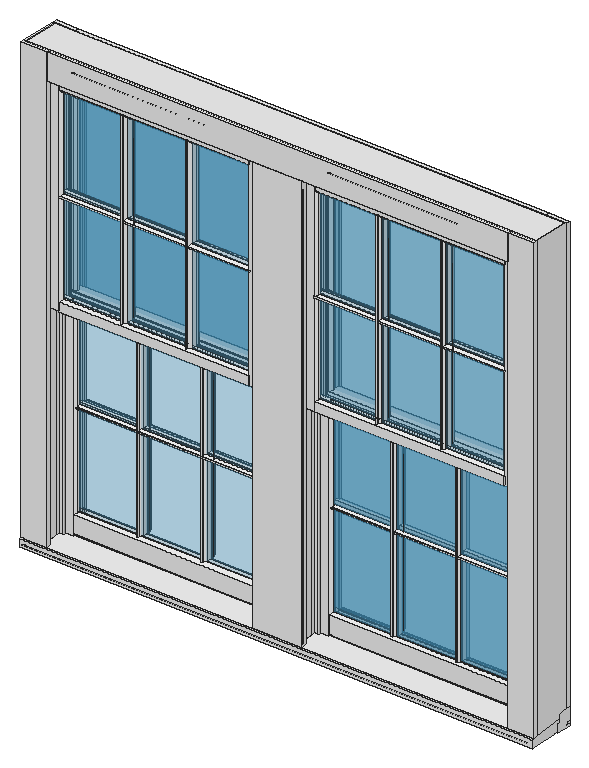
Revit family "B2-66", category Windows, host Wall, Revit 2012 (continued)
Forms (mm)
  Sweep 96, solid, material "Matel" <- "metal", detail levels fine
    path origin (-3978.79, 0, 685.091) x (0, 0, -1) y (1, 0, 0)
      loop
        line (-9.409, 3107.335) -> (-9.409, 3851.546)
    profile origin (-499.35, 0, 694.5) x (0, 0, 1) y (0, -1, 0)
      loop
        line (10.277, -46.346) -> (-9.723, -46.346) -> (-9.723, -52.346) -> (-7.723, -52.346) -> (-7.723, -54.846) -> (-2.223, -62.346) -> (-2.223, -64.346) -> (2.777, -64.346) -> (2.777, -62.346) -> (8.277, -54.846) -> (8.277, -52.346) -> (10.277, -52.346) -> (10.277, -46.346)
      loop
        line (10.277, -17.161) -> (2.828, -9.007) -> (2.828, -7.007) -> (-2.172, -7.007) -> (-2.172, -9.007) -> (-9.723, -19.961) -> (10.277, -19.961) -> (10.277, -17.161)
  Sweep 97, solid, material "Matel" <- "metal", detail levels fine
    path origin (-3978.79, 0, 685.091) x (0, 0, 1) y (1, 0, 0)
      loop
        line (9.409, 3101.335) -> (9.409, 3844.546)
    profile origin (-505.85, 0, 694.5) x (0, 0, 1) y (0, -1, 0)
      loop
        line (-9.723, -43.235) -> (10.277, -43.235) -> (10.277, -27.235) -> (-9.723, -27.235) -> (-9.723, -43.235)
  Sweep 98, solid, material "Matel" <- "metal", detail levels fine
    path origin (3978.79, 0, 685.091) x (0, 0, 1) y (-1, 0, 0)
      loop
        line (9.409, 3101.335) -> (9.409, 3844.546)
    profile origin (505.85, 0, 694.5) x (0, 0, -1) y (0, -1, 0)
      loop
        line (1.339, -43.235) -> (1.339, -27.235) -> (-18.661, -27.235) -> (-18.661, -43.235) -> (1.339, -43.235)
  Sweep 99, solid, material "Matel" <- "metal", detail levels fine
    path origin (-3230.591, 0, 685.091) x (0, 0, -1) y (1, 0, 0)
      loop
        line (-9.409, 3357.836) -> (-9.409, 4102.046)
    profile origin (499.35, 0, 694.5) x (0, 0, 1) y (0, -1, 0)
      loop
        line (10.277, -46.346) -> (-9.723, -46.346) -> (-9.723, -52.346) -> (-7.723, -52.346) -> (-7.723, -54.846) -> (-2.223, -62.346) -> (-2.223, -64.346) -> (2.777, -64.346) -> (2.777, -62.346) -> (8.277, -54.846) -> (8.277, -52.346) -> (10.277, -52.346) -> (10.277, -46.346)
      loop
        line (10.277, -17.161) -> (2.828, -9.007) -> (2.828, -7.007) -> (-2.172, -7.007) -> (-2.172, -9.007) -> (-9.723, -19.961) -> (10.277, -19.961) -> (10.277, -17.161)
  Sweep 100, solid, material "Matel" <- "metal", detail levels fine
    path origin (-260, 0, 0) x (-1, 0, 0) y (0, 0, -1)
      loop
        line (-633.982, -1107) -> (-633.982, -1838.017)
    profile origin (373.982, 0, 1472.508) x (-1, 0, 0) y (0, -1, 0)
      loop
        line (-8.934, 26.029) -> (-8.934, 20.029) -> (-6.934, 20.029) -> (-6.934, 17.529) -> (-1.434, 10.029) -> (-1.434, 8.029) -> (3.566, 8.029) -> (3.566, 10.029) -> (9.066, 17.529) -> (9.066, 20.029) -> (11.066, 20.029) -> (11.066, 26.029) -> (-8.934, 26.029)
      loop
        line (-8.934, 57.214) -> (-8.934, 54.414) -> (11.066, 54.414) -> (3.515, 65.368) -> (3.515, 67.368) -> (-1.485, 67.368) -> (-1.485, 65.368) -> (-8.934, 57.214)
  Sweep 101, solid, material "Matel" <- "metal", detail levels fine
    path origin (-260, 0, 2851.8) x (-1, 0, 0) y (0, 0, -1)
      loop
        line (-633.982, 1788.8) -> (-633.982, 2523.468)
    profile origin (373.982, 0, 695.666) x (0, -1, 0) y (1, 0, 0)
      loop
        line (-47.721, 8.934) -> (-53.721, 8.934) -> (-53.721, 6.934) -> (-56.221, 6.934) -> (-63.721, 1.434) -> (-65.721, 1.434) -> (-65.721, -3.566) -> (-63.721, -3.566) -> (-56.221, -9.066) -> (-53.721, -9.066) -> (-53.721, -11.066) -> (-47.721, -11.066) -> (-47.721, 8.934)
      loop
        line (-16.536, 8.934) -> (-19.336, 8.934) -> (-19.336, -11.066) -> (-8.382, -3.515) -> (-6.382, -3.515) -> (-6.382, 1.485) -> (-8.382, 1.485) -> (-16.536, 8.934)
  Sweep 102, solid, material "Matel" <- "metal", detail levels fine
    path origin (-260, 0, 0) x (1, 0, 0) y (0, 0, 1)
      loop
        line (633.982, 1107) -> (633.982, 1844)
    profile origin (373.982, 0, 1475.5) x (-1, 0, 0) y (0, -1, 0)
      loop
        line (9.723, 31.765) -> (9.723, 47.765) -> (-10.277, 47.765) -> (-10.277, 31.765) -> (9.723, 31.765)
  Sweep 103, solid, material "Matel" <- "metal", detail levels fine
    path origin (-260, 0, 0) x (1, 0, 0) y (0, 0, 1)
      loop
        line (633.982, 1063) -> (633.982, 326)
    profile origin (373.982, 0, 694.5) x (0, -1, 0) y (1, 0, 0)
      loop
        line (-41.045, -10) -> (-25.045, -10) -> (-25.045, 10) -> (-41.045, 10) -> (-41.045, -10)
  Sweep 104, solid, material "Matel" <- "metal", detail levels fine
    path origin (-240, 0, 0) x (1, 0, 0) y (0, 0, 1)
      loop
        line (-385.718, 1107) -> (-385.718, 1839.017)
    profile origin (-625.718, 0, 1473.008) x (-1, 0, 0) y (0, -1, 0)
      loop
        line (8.934, 26.029) -> (-11.066, 26.029) -> (-11.066, 20.029) -> (-9.066, 20.029) -> (-9.066, 17.529) -> (-3.566, 10.029) -> (-3.566, 8.029) -> (1.434, 8.029) -> (1.434, 10.029) -> (6.934, 17.529) -> (6.934, 20.029) -> (8.934, 20.029) -> (8.934, 26.029)
      loop
        line (8.934, 57.214) -> (1.485, 65.368) -> (1.485, 67.368) -> (-3.515, 67.368) -> (-3.515, 65.368) -> (-11.066, 54.414) -> (8.934, 54.414) -> (8.934, 57.214)
  Sweep 105, solid, material "Matel" <- "metal", detail levels fine
    path origin (-240, 0, 2851.8) x (1, 0, 0) y (0, 0, 1)
      loop
        line (-385.718, -1788.8) -> (-385.718, -2525.8)
    profile origin (-625.718, 0, 694.5) x (0, -1, 0) y (1, 0, 0)
      loop
        line (-50.846, -8.934) -> (-50.846, 11.066) -> (-56.846, 11.066) -> (-56.846, 9.066) -> (-59.346, 9.066) -> (-66.846, 3.566) -> (-68.846, 3.566) -> (-68.846, -1.434) -> (-66.846, -1.434) -> (-59.346, -6.934) -> (-56.846, -6.934) -> (-56.846, -8.934) -> (-50.846, -8.934)
      loop
        line (-19.661, -8.934) -> (-11.507, -1.485) -> (-9.507, -1.485) -> (-9.507, 3.515) -> (-11.507, 3.515) -> (-22.461, 11.066) -> (-22.461, -8.934) -> (-19.661, -8.934)
  Sweep 106, solid, material "Matel" <- "metal", detail levels fine
    path origin (-240, 0, 0) x (-1, 0, 0) y (0, 0, 1)
      loop
        line (385.718, 1107) -> (385.718, 1844)
    profile origin (-625.718, 0, 1475.5) x (-1, 0, 0) y (0, -1, 0)
      loop
        line (-10.348, 31.765) -> (9.652, 31.765) -> (9.652, 47.765) -> (-10.348, 47.765) -> (-10.348, 31.765)
  Sweep 107, solid, material "Matel" <- "metal", detail levels fine
    path origin (-240, 0, 0) x (-1, 0, 0) y (0, 0, 1)
      loop
        line (385.718, 1063) -> (385.718, 326)
    profile origin (-625.718, 0, 694.5) x (0, -1, 0) y (1, 0, 0)
      loop
        line (-41.045, 10) -> (-41.045, -10) -> (-25.045, -10) -> (-25.045, 10) -> (-41.045, 10)
  Sweep 108, solid, material "Matel" <- "metal", detail levels fine
    path origin (-240, 0, 0) x (-1, 0, 0) y (0, 0, 1)
      loop
        line (385.718, 1107) -> (385.718, 1844)
    profile origin (-625.718, 0, 1475.5) x (-1, 0, 0) y (0, -1, 0)
      loop
        line (-9.723, 31.765) -> (10.277, 31.765) -> (10.277, 47.765) -> (-9.723, 47.765) -> (-9.723, 31.765)
Cuts and joins
  Sweep 90 cuts Sweep 4
  Sweep 90 cuts Sweep 5
  Sweep 90 cuts Sweep 6
  Sweep 90 cuts Sweep 7
  Sweep 90 cuts Sweep 8
  Sweep 90 cuts Sweep 9
  Sweep 90 cuts Sweep 10
  Sweep 90 cuts Sweep 14
  Sweep 90 cuts Sweep 15
  Sweep 90 cuts Sweep 16
  Sweep 90 cuts Sweep 17
  Sweep 90 cuts Sweep 18
  Sweep 90 cuts Sweep 19
  Sweep 90 cuts Sweep 20
  Sweep 90 cuts Sweep 23
  Sweep 90 cuts Sweep 43
  Sweep 90 cuts Sweep 44
  Sweep 90 cuts Sweep 45
  Sweep 90 cuts Sweep 46
  Sweep 90 cuts Sweep 47
  Sweep 90 cuts Sweep 50
  Sweep 90 cuts Sweep 52
  Sweep 90 cuts Sweep 54
  Sweep 90 cuts Sweep 57
  Sweep 90 cuts Sweep 79
  Sweep 90 cuts Sweep 80
  Sweep 90 cuts Sweep 81
  Sweep 90 cuts Sweep 82
  Sweep 90 cuts Sweep 83
Lines and regions (mm)
  Opening 1
    outline origin (-1524, -87, 0) x (1, 0, 0) y (0, 0, 1)
      loop
        line (520.5, 1970) -> (520.5, 200) -> (2527.5, 200) -> (2527.5, 1970) -> (520.5, 1970)
  model lines
    curve 1: line (-122.245, 0, 1085) -> (-877.705, 0, 1085)
    curve 2: line (-122.245, 0, 1085) -> (-877.705, 0, 1085)
Text (mm)
  text "EXTERIOR" at (-1490.695, 1293.036, 0), in view "Ref. Level"
  text "INTERIOR" at (-1490.695, -959.266, 0), in view "Ref. Level"
  text "Exterior" at (0, 1108.87, 3129.179), in view "Left"
  text "Exterior" at (0, 464.664, 3176.206), in view "Right"
Dimensions and locks
  equal spacing: plane 4 "Left", plane 3 "Center (Left/Right)", plane 5 "Right"  (x2)
  "Height": plane 6 "Sill" to plane 7 "Top"
  "Default Sill Height": plane 2 to plane 6 "Sill"
  plane 6 "Sill" to plane 7 "Top" = 1770 mm
  "Width": plane 4 "Left" to plane 5 "Right"
  equal spacing: plane 6 "Sill", plane 9, plane 7 "Top"
  locked: plane 4 "Left" to plane 11 at 100
  locked: plane 10 to plane 5 "Right" at 100
  locked: plane 13 to plane 5 "Right" at 126.045
  locked: plane 4 "Left" to plane 12 at 126.045
  locked: plane 14 to plane 7 "Top" at 126
  locked: plane 6 "Sill" to plane 15 at 126
  locked: plane 16 to plane 7 "Top" at 100
  locked: plane 6 "Sill" to plane 18 at 33
  locked: plane 19 to plane 7 "Top" at 82
  locked: plane 6 "Sill" to plane 20 at 68
  locked: plane 3 "Center (Left/Right)" to plane 21 at 68
  locked: plane 5 "Right" to plane 22 at 82
  locked: plane 3 "Center (Left/Right)" to plane 23 at 78
  plane 25 to plane 9 = 22 mm
  plane 9 to plane 24 = 22 mm
  Sweep 21 sketch curve to Sweep 21 sketch curve = 25 mm
  locked: Sweep 21 sketch curve to Sweep 21 sketch curve at 6  (x2)
  locked: Sweep 21 sketch curve to Sweep 21 sketch curve at 42
  Sweep 21 sketch curve to Sweep 21 sketch curve = 16 mm
  locked: Sweep 21 sketch curve to Sweep 21 sketch curve at 12
  locked: Sweep 21 sketch curve to Sweep 21 sketch curve at 2
  locked: Sweep 21 sketch curve to Sweep 21 sketch curve at 3  (x3)
  locked: Sweep 21 sketch curve to Sweep 21 sketch curve at 29
  locked: Sweep 21 sketch curve to Sweep 21 sketch curve at 10
  locked: Sweep 21 sketch curve to Sweep 21 sketch curve at 16
  locked: Sweep 21 sketch curve to Sweep 21 sketch curve at 19
  locked: Sweep 21 sketch curve to Sweep 21 sketch curve at 5
  locked: Sweep 21 sketch curve to Sweep 21 sketch curve at 4  (x2)
  locked: Sweep 22 sketch curve to Sweep 22 sketch curve at 2  (x3)
  locked: Sweep 22 sketch curve to Sweep 22 sketch curve at 12
  locked: Sweep 22 sketch curve to Sweep 22 sketch curve at 9.301  (x2)
  locked: Sweep 22 sketch curve to Sweep 22 sketch curve at 5  (x2)
  locked: Sweep 22 sketch curve to Sweep 22 sketch curve at 12.954
  locked: plane 3 "Center (Left/Right)" to plane 26 at 122.245
  locked: plane 3 "Center (Left/Right)" to plane 27 at 122.245
  locked: Sweep 26 sketch curve to Sweep 26 sketch curve at 2  (x3)
  locked: Sweep 26 sketch curve to Sweep 26 sketch curve at 12
  locked: Sweep 26 sketch curve to Sweep 26 sketch curve at 9.301  (x2)
  locked: Sweep 26 sketch curve to Sweep 26 sketch curve at 5  (x2)
  locked: Sweep 26 sketch curve to Sweep 26 sketch curve at 12.954
  locked: Sweep 29 sketch curve to Sweep 29 sketch curve at 2  (x3)
  locked: Sweep 29 sketch curve to Sweep 29 sketch curve at 12
  locked: Sweep 29 sketch curve to Sweep 29 sketch curve at 9.301  (x2)
  locked: Sweep 29 sketch curve to Sweep 29 sketch curve at 5  (x2)
  locked: Sweep 29 sketch curve to Sweep 29 sketch curve at 12.954
  locked: Sweep 30 sketch curve to Sweep 30 sketch curve at 2  (x3)
  locked: Sweep 30 sketch curve to Sweep 30 sketch curve at 12
  locked: Sweep 30 sketch curve to Sweep 30 sketch curve at 9.301  (x2)
  locked: Sweep 30 sketch curve to Sweep 30 sketch curve at 5  (x2)
  locked: Sweep 30 sketch curve to Sweep 30 sketch curve at 12.954
  locked: Extrusion 59 to Extrusion 59 at 4
  locked: Extrusion 60 to Extrusion 60 at 4
  locked: Extrusion 61 to Extrusion 61 at 4
  locked: Extrusion 62 to Extrusion 62 at 4
  locked: Extrusion 63 to Extrusion 63 at 4
  locked: Extrusion 64 to Extrusion 64 at 4
  locked: Extrusion 65 to Extrusion 65 at 4
  locked: Extrusion 66 to Extrusion 66 at 4
  locked: Extrusion 67 to Extrusion 67 at 4
  locked: Extrusion 68 to Extrusion 68 at 4
  locked: Extrusion 69 to Extrusion 69 at 4
  locked: Extrusion 70 to Extrusion 70 at 4
  locked: Extrusion 71 to Extrusion 71 at 4
  locked: Extrusion 72 to Extrusion 72 at 4
  locked: Extrusion 73 to Extrusion 73 at 4
  locked: Extrusion 74 to Extrusion 74 at 4
  locked: Extrusion 75 to Extrusion 75 at 4
  locked: Extrusion 76 to Extrusion 76 at 4
  locked: Extrusion 77 to Extrusion 77 at 4
  locked: Extrusion 78 to Extrusion 78 at 4
  locked: plane 30 to plane 7 "Top" at 86
  Sweep 87 sketch curve to Sweep 87 sketch curve = 25 mm
  locked: Sweep 87 sketch curve to Sweep 87 sketch curve at 6  (x2)
  locked: Sweep 87 sketch curve to Sweep 87 sketch curve at 42
  Sweep 87 sketch curve to Sweep 87 sketch curve = 16 mm
  locked: Sweep 87 sketch curve to Sweep 87 sketch curve at 12
  locked: Sweep 87 sketch curve to Sweep 87 sketch curve at 2
  locked: Sweep 87 sketch curve to Sweep 87 sketch curve at 3  (x3)
  locked: Sweep 87 sketch curve to Sweep 87 sketch curve at 29
  locked: Sweep 87 sketch curve to Sweep 87 sketch curve at 10
  locked: Sweep 87 sketch curve to Sweep 87 sketch curve at 16
  locked: Sweep 87 sketch curve to Sweep 87 sketch curve at 19
  locked: Sweep 87 sketch curve to Sweep 87 sketch curve at 5
  locked: Sweep 87 sketch curve to Sweep 87 sketch curve at 4  (x2)
  Sweep 12 to Sweep 26 sketch curve = 23.632 mm
  locked: Sweep 92 sketch curve to Sweep 92 sketch curve at 2  (x3)
  locked: Sweep 92 sketch curve to Sweep 92 sketch curve at 12
  locked: Sweep 92 sketch curve to Sweep 92 sketch curve at 9.301  (x2)
  locked: Sweep 92 sketch curve to Sweep 92 sketch curve at 5  (x2)
  locked: Sweep 92 sketch curve to Sweep 92 sketch curve at 12.954
  equal spacing: plane 15, plane 32, plane 25
  locked: Sweep 95 sketch curve to Sweep 95 sketch curve at 2  (x3)
  locked: Sweep 95 sketch curve to Sweep 95 sketch curve at 12
  locked: Sweep 95 sketch curve to Sweep 95 sketch curve at 9.301  (x2)
  locked: Sweep 95 sketch curve to Sweep 95 sketch curve at 5  (x2)
  locked: Sweep 95 sketch curve to Sweep 95 sketch curve at 12.954
  locked: Sweep 96 sketch curve to Sweep 96 sketch curve at 2  (x3)
  locked: Sweep 96 sketch curve to Sweep 96 sketch curve at 12
  locked: Sweep 96 sketch curve to Sweep 96 sketch curve at 9.301  (x2)
  locked: Sweep 96 sketch curve to Sweep 96 sketch curve at 5  (x2)
  locked: Sweep 96 sketch curve to Sweep 96 sketch curve at 12.954
  locked: Sweep 99 sketch curve to Sweep 99 sketch curve at 2  (x3)
  locked: Sweep 99 sketch curve to Sweep 99 sketch curve at 12
  locked: Sweep 99 sketch curve to Sweep 99 sketch curve at 9.301  (x2)
  locked: Sweep 99 sketch curve to Sweep 99 sketch curve at 5  (x2)
  locked: Sweep 99 sketch curve to Sweep 99 sketch curve at 12.954
  locked: Sweep 100 sketch curve to Sweep 100 sketch curve at 2  (x3)
  locked: Sweep 100 sketch curve to Sweep 100 sketch curve at 12
  locked: Sweep 100 sketch curve to Sweep 100 sketch curve at 9.301  (x2)
  locked: Sweep 100 sketch curve to Sweep 100 sketch curve at 5  (x2)
  locked: Sweep 100 sketch curve to Sweep 100 sketch curve at 12.954
  locked: Sweep 101 sketch curve to Sweep 101 sketch curve at 2  (x3)
  locked: Sweep 101 sketch curve to Sweep 101 sketch curve at 12
  locked: Sweep 101 sketch curve to Sweep 101 sketch curve at 9.301  (x2)
  locked: Sweep 101 sketch curve to Sweep 101 sketch curve at 5  (x2)
  locked: Sweep 101 sketch curve to Sweep 101 sketch curve at 12.954
  locked: Sweep 104 sketch curve to Sweep 104 sketch curve at 2  (x3)
  locked: Sweep 104 sketch curve to Sweep 104 sketch curve at 12
  locked: Sweep 104 sketch curve to Sweep 104 sketch curve at 9.301  (x2)
  locked: Sweep 104 sketch curve to Sweep 104 sketch curve at 5  (x2)
  locked: Sweep 104 sketch curve to Sweep 104 sketch curve at 12.954
  locked: Sweep 105 sketch curve to Sweep 105 sketch curve at 2  (x3)
  locked: Sweep 105 sketch curve to Sweep 105 sketch curve at 12
  locked: Sweep 105 sketch curve to Sweep 105 sketch curve at 9.301  (x2)
  locked: Sweep 105 sketch curve to Sweep 105 sketch curve at 5  (x2)
  locked: Sweep 105 sketch curve to Sweep 105 sketch curve at 12.954
  equal spacing: plane 13, plane 29, plane 33, plane 27
  equal spacing: plane 9, plane 31, plane 14
  equal spacing: plane 15, plane 32, Sweep 37
  equal spacing: plane 26, plane 28, plane 34, plane 12
  radius of Sweep 21 sketch curve = 8 mm
  radius of Sweep 87 sketch curve = 8 mm
  aligned and locked: plane 7 "Top" to Opening 1 sketch curve
  aligned and locked: plane 6 "Sill" to Opening 1 sketch curve  (x2)
  aligned and locked: plane 5 "Right" to Opening 1 sketch curve
  aligned and locked: plane 4 "Left" to Opening 1 sketch curve
  aligned and locked: level to plane 2
  aligned and locked: plane 7 "Top" to Sweep 2 sketch curve
  aligned and locked: plane 7 "Top" to Sweep 3 sketch curve
  aligned and locked: plane 7 "Top" to Sweep 1 sketch curve
  aligned and locked: plane 10 to Sweep 3 sketch curve
  aligned and locked: plane 11 to Sweep 3 sketch curve
  aligned and locked: Sweep 4 sketch curve to plane 5 "Right"
  aligned and locked: plane 6 "Sill" to Sweep 4 sketch curve
  aligned and locked: Sweep 5 sketch curve to plane 5 "Right"
  aligned and locked: plane 6 "Sill" to Sweep 5 sketch curve
  aligned and locked: Sweep 7 sketch curve to plane 4 "Left"
  aligned and locked: plane 6 "Sill" to Sweep 7 sketch curve
  aligned and locked: Sweep 6 sketch curve to plane 4 "Left"
  aligned and locked: plane 7 "Top" to Sweep 6 sketch curve
  aligned and locked: plane 6 "Sill" to Sweep 6 sketch curve
  aligned and locked: plane 5 "Right" to Sweep 8 sketch curve
  aligned and locked: plane 6 "Sill" to Sweep 8 sketch curve
  aligned and locked: plane 5 "Right" to Sweep 9 sketch curve
  aligned and locked: plane 6 "Sill" to Sweep 9 sketch curve
  aligned and locked: plane 6 "Sill" to Sweep 10 sketch curve
  aligned and locked: plane 4 "Left" to Sweep 10 sketch curve
  aligned and locked: plane 5 "Right" to Sweep 11 sketch curve
  aligned and locked: plane 4 "Left" to Sweep 11 sketch curve
  aligned and locked: plane 5 "Right" to Sweep 12 sketch curve
  aligned and locked: plane 4 "Left" to Sweep 12 sketch curve
  aligned and locked: plane 7 "Top" to Sweep 13 sketch curve
  aligned and locked: plane 16 to Sweep 14 sketch curve
  aligned and locked: plane 3 "Center (Left/Right)" to Sweep 14 sketch curve
  aligned and locked: plane 18 to Sweep 14 sketch curve
  aligned and locked: plane 3 "Center (Left/Right)" to Sweep 15 sketch curve
  aligned and locked: plane 16 to Sweep 15 sketch curve
  aligned and locked: plane 18 to Sweep 15 sketch curve
  aligned and locked: plane 3 "Center (Left/Right)" to Sweep 16 sketch curve
  aligned and locked: plane 16 to Sweep 16 sketch curve
  aligned and locked: plane 18 to Sweep 16 sketch curve
  aligned and locked: plane 3 "Center (Left/Right)" to Sweep 17 sketch curve
  aligned and locked: plane 18 to Sweep 17 sketch curve
  aligned and locked: plane 16 to Sweep 17 sketch curve
  aligned and locked: plane 3 "Center (Left/Right)" to Sweep 18 sketch curve
  aligned and locked: plane 16 to Sweep 18 sketch curve
  aligned and locked: plane 18 to Sweep 18 sketch curve
  aligned and locked: Sweep 19 sketch curve to plane 19
  aligned and locked: plane 20 to Sweep 19 sketch curve
  aligned and locked: plane 19 to Sweep 20 sketch curve
  aligned and locked: Sweep 20 sketch curve to plane 23
  aligned and locked: plane 22 to Sweep 20 sketch curve
  aligned and locked: Sweep 20 sketch curve to plane 20
  aligned and locked: Sweep 21 sketch curve to plane 24
  aligned and locked: plane 9 to curve 2
  aligned and locked: Sweep 22 sketch curve to Sweep 22 sketch curve
  aligned and locked: plane 4 "Left" to Sweep 23 sketch curve
  aligned and locked: plane 6 "Sill" to Sweep 23 sketch curve
  aligned and locked: plane 13 to Sweep 24 sketch curve
  aligned and locked: plane 26 to Sweep 25 sketch curve
  aligned and locked: plane 12 to Sweep 25 sketch curve
  aligned and locked: Sweep 25 sketch curve to plane 16
  aligned and locked: Sweep 22 sketch curve to plane 28
  aligned and locked: Sweep 26 sketch curve to Sweep 26 sketch curve
  aligned and locked: Sweep 26 sketch curve to plane 29
  aligned and locked: Sweep 27 sketch curve to plane 20
  aligned and locked: Sweep 28 sketch curve to plane 20
  aligned and locked: Sweep 29 sketch curve to Sweep 29 sketch curve
  aligned and locked: Sweep 30 sketch curve to Sweep 30 sketch curve
  aligned and locked: plane 14 to Sweep 31 sketch curve
  aligned and locked: plane 24 to Sweep 31 sketch curve
  aligned and locked: plane 29 to Sweep 31 sketch curve
  aligned and locked: plane 14 to Sweep 32 sketch curve
  aligned and locked: Sweep 32 sketch curve to plane 28
  aligned and locked: plane 24 to Sweep 32 sketch curve
  aligned and locked: Sweep 33 sketch curve to plane 29
  aligned and locked: plane 25 to Sweep 33 sketch curve
  aligned and locked: plane 15 to Sweep 33 sketch curve
  aligned and locked: plane 28 to Sweep 34 sketch curve
  aligned and locked: plane 15 to Sweep 34 sketch curve
  aligned and locked: plane 25 to Sweep 34 sketch curve
  aligned and locked: Sweep 28 to Sweep 30 sketch curve
  aligned and locked: plane 15 to Sweep 29 sketch curve
  aligned and locked: Sweep 35 sketch curve to plane 28
  aligned and locked: plane 14 to Sweep 35 sketch curve
  aligned and locked: plane 16 to Sweep 36 sketch curve
  aligned and locked: plane 9 to Sweep 36 sketch curve
  aligned and locked: Sweep 36 sketch curve to plane 22
  aligned and locked: plane 16 to Sweep 37 sketch curve
  aligned and locked: plane 22 to Sweep 37 sketch curve
  aligned and locked: plane 23 to Sweep 38 sketch curve
  aligned and locked: plane 9 to Sweep 38 sketch curve
  aligned and locked: plane 16 to Sweep 38 sketch curve
  aligned and locked: plane 21 to Sweep 39 sketch curve
  aligned and locked: plane 16 to Sweep 39 sketch curve
  aligned and locked: plane 21 to Sweep 40 sketch curve
  aligned and locked: plane 16 to Sweep 41 sketch curve
  aligned and locked: plane 9 to Sweep 41 sketch curve
  aligned and locked: plane 16 to Sweep 42 sketch curve
  aligned and locked: Sweep 43 sketch curve to plane 22
  aligned and locked: plane 9 to Sweep 43 sketch curve
  aligned and locked: plane 6 "Sill" to Sweep 43 sketch curve
  aligned and locked: plane 6 "Sill" to Sweep 44 sketch curve
  aligned and locked: plane 9 to Sweep 44 sketch curve
  aligned and locked: Sweep 44 sketch curve to plane 23
  aligned and locked: Sweep 45 sketch curve to plane 21
  aligned and locked: plane 6 "Sill" to Sweep 45 sketch curve
  aligned and locked: plane 9 to Sweep 45 sketch curve
  aligned and locked: plane 6 "Sill" to Sweep 46 sketch curve
  aligned and locked: plane 9 to Sweep 46 sketch curve
  aligned and locked: plane 16 to Sweep 24 sketch curve
  aligned and locked: plane 9 to Sweep 24 sketch curve
  aligned and locked: plane 6 "Sill" to Sweep 47 sketch curve
  aligned and locked: plane 9 to Sweep 47 sketch curve
  aligned and locked: plane 16 to Sweep 48 sketch curve
  aligned and locked: plane 13 to Sweep 48 sketch curve
  aligned and locked: plane 9 to Sweep 48 sketch curve
  aligned and locked: Sweep 49 sketch curve to plane 27
  aligned and locked: plane 16 to Sweep 49 sketch curve
  aligned and locked: plane 9 to Sweep 49 sketch curve
  aligned and locked: Sweep 50 sketch curve to plane 27
  aligned and locked: plane 6 "Sill" to Sweep 50 sketch curve
  aligned and locked: plane 9 to Sweep 50 sketch curve
  aligned and locked: plane 14 to Sweep 51 sketch curve
  aligned and locked: plane 9 to Sweep 51 sketch curve
  aligned and locked: Sweep 51 sketch curve to plane 27
  aligned and locked: plane 6 "Sill" to Sweep 52 sketch curve
  aligned and locked: plane 9 to Sweep 52 sketch curve
  aligned and locked: Sweep 52 sketch curve to plane 27
  aligned and locked: plane 9 to Sweep 53 sketch curve
  aligned and locked: plane 16 to Sweep 53 sketch curve
  aligned and locked: plane 26 to Sweep 53 sketch curve
  aligned and locked: plane 26 to Sweep 54 sketch curve
  aligned and locked: plane 6 "Sill" to Sweep 54 sketch curve
  aligned and locked: plane 9 to Sweep 54 sketch curve
  aligned and locked: plane 16 to Sweep 55 sketch curve
  aligned and locked: plane 9 to Sweep 55 sketch curve
  aligned and locked: plane 26 to Sweep 55 sketch curve
  aligned and locked: plane 16 to Sweep 56 sketch curve
  aligned and locked: Sweep 56 sketch curve to plane 12
  aligned and locked: plane 9 to Sweep 56 sketch curve
  aligned and locked: plane 6 "Sill" to Sweep 57 sketch curve
  aligned and locked: plane 9 to Sweep 57 sketch curve
  aligned and locked: Sweep 57 sketch curve to plane 12
  aligned and locked: plane 16 to Sweep 58 sketch curve
  aligned and locked: plane 9 to Sweep 58 sketch curve
  aligned and locked: Sweep 58 sketch curve to plane 12
  aligned and locked: plane 10 to Extrusion 59 sketch curve
  aligned and locked: plane 9 to Extrusion 59 sketch curve
  aligned and locked: Extrusion 59 sketch curve to plane 14
  aligned and locked: Extrusion 59 sketch curve to plane 27
  aligned and locked: Extrusion 60 to Sweep 51
  aligned and locked: plane 10 to Extrusion 60 sketch curve
  aligned and locked: Extrusion 60 sketch curve to plane 14
  aligned and locked: Extrusion 60 sketch curve to plane 27
  aligned and locked: plane 9 to Extrusion 60 sketch curve
  aligned and locked: Extrusion 61 to Sweep 49
  aligned and locked: plane 26 to Extrusion 68 sketch curve
  aligned and locked: plane 14 to Extrusion 68 sketch curve
  aligned and locked: plane 12 to Extrusion 68 sketch curve
  aligned and locked: Extrusion 68 sketch curve to plane 9
  aligned and locked: plane 15 to Extrusion 69 sketch curve
  aligned and locked: Extrusion 69 sketch curve to plane 13
  aligned and locked: Extrusion 69 sketch curve to plane 9
  aligned and locked: Extrusion 69 sketch curve to plane 27
  aligned and locked: plane 16 to Sweep 8 sketch curve
  aligned and locked: plane 16 to Sweep 9 sketch curve
  aligned and locked: plane 16 to Sweep 5 sketch curve
  aligned and locked: plane 16 to Sweep 10 sketch curve
  aligned and locked: plane 16 to Sweep 23 sketch curve
  aligned and locked: plane 16 to Sweep 7 sketch curve
  aligned and locked: Sweep 19 sketch curve to Sweep 14
  aligned and locked: plane 11 to Sweep 1 sketch curve
  aligned and locked: plane 7 "Top" to Sweep 81 sketch curve
  aligned and locked: plane 7 "Top" to Sweep 79 sketch curve
  aligned and locked: plane 7 "Top" to Sweep 80 sketch curve
  aligned and locked: plane 7 "Top" to Sweep 4 sketch curve
  aligned and locked: Sweep 84 sketch curve to Sweep 81
  aligned and locked: plane 22 to Sweep 84 sketch curve
  aligned and locked: plane 7 "Top" to Sweep 84 sketch curve
  aligned and locked: Sweep 42 sketch curve to plane 25
  aligned and locked: plane 25 to Sweep 40 sketch curve
  aligned and locked: plane 16 to Sweep 40 sketch curve
  aligned and locked: Sweep 37 sketch curve to plane 25
  aligned and locked: plane 12 to Sweep 88 sketch curve
  aligned and locked: plane 9 to Sweep 89 sketch curve
  aligned and locked: plane 13 to Sweep 89 sketch curve
  aligned and locked: Sweep 86 to Sweep 26 sketch curve
  aligned and locked: Sweep 25 to Sweep 22 sketch curve
  aligned and locked: Sweep 91 to Sweep 87 sketch curve
  aligned and locked: plane 7 "Top" to Sweep 82 sketch curve
  aligned and locked: plane 7 "Top" to Sweep 83 sketch curve
  aligned and locked: Sweep 92 sketch curve to Sweep 92 sketch curve
  aligned and locked: plane 31 to Sweep 92 sketch curve
  aligned and locked: plane 31 to Sweep 93 sketch curve
  aligned and locked: Sweep 53 to Sweep 93 sketch curve
  aligned and locked: plane 12 to Sweep 93 sketch curve
  aligned and locked: Sweep 42 to Sweep 92 sketch curve
  aligned and locked: Sweep 92 sketch curve to Sweep 53
  aligned and locked: Sweep 95 sketch curve to Sweep 95 sketch curve
  aligned and locked: plane 31 to Sweep 95 sketch curve
  aligned and locked: Sweep 96 sketch curve to Sweep 96 sketch curve
  aligned and locked: Sweep 99 sketch curve to Sweep 99 sketch curve
  aligned and locked: plane 32 to Sweep 99 sketch curve
  aligned and locked: plane 32 to Sweep 97 sketch curve
  aligned and locked: cut or joined group of Sweep 54, Sweep 90 to Sweep 97 sketch curve
  aligned and locked: Extrusion 77 to Sweep 97 sketch curve
  aligned and locked: Sweep 98 sketch curve to plane 32
  aligned and locked: Extrusion 70 to Sweep 98 sketch curve
  aligned and locked: cut or joined group of Sweep 52, Sweep 90 to Sweep 98 sketch curve
  aligned and locked: plane 32 to Sweep 96 sketch curve
  aligned and locked: cut or joined group of Sweep 54, Sweep 90 to Sweep 96 sketch curve
  aligned and locked: cut or joined group of Sweep 46, Sweep 90 to Sweep 96 sketch curve
  aligned and locked: Sweep 100 sketch curve to Sweep 100 sketch curve
  aligned and locked: Sweep 100 sketch curve to plane 33
  aligned and locked: Sweep 101 sketch curve to Sweep 101 sketch curve
  aligned and locked: plane 33 to Sweep 102 sketch curve
  aligned and locked: Sweep 103 sketch curve to plane 33
  aligned and locked: Sweep 104 sketch curve to Sweep 104 sketch curve
  aligned and locked: Sweep 104 sketch curve to plane 34
  aligned and locked: Sweep 105 sketch curve to Sweep 105 sketch curve
  aligned and locked: Sweep 106 sketch curve to plane 34
  aligned and locked: plane 34 to Sweep 107 sketch curve
  aligned and locked: Sweep 108 sketch curve to plane 34
Automatic sketch dimensions
  Sweep 1 sketch curve to plane 10 = 0.079 mm
  Sweep 1 sketch curve to profile plane = 0 mm
  Sweep 1 sketch curve to profile plane = 6 mm
  Sweep 1 sketch curve to Sweep 1 sketch curve = 59 mm
  Sweep 1 sketch curve to Sweep 1 sketch curve = 8 mm
  Sweep 1 sketch curve to Sweep 1 sketch curve = 9 mm
  Sweep 1 sketch curve to Sweep 1 sketch curve = 6 mm
  Sweep 1 sketch curve to Sweep 1 sketch curve = 2.25 mm  (x2)
  Sweep 1 sketch curve to Sweep 1 sketch curve = 0 mm  (x10)
  Sweep 1 sketch curve to Sweep 1 sketch curve = 0.996 mm  (x5)
  Sweep 1 sketch curve to Sweep 1 sketch curve = 0.254 mm
  Sweep 1 sketch curve to Sweep 1 sketch curve = 0.508 mm  (x3)
  Sweep 1 sketch curve to Sweep 1 sketch curve = 5 mm  (x3)
  plane 1 "Center (Front/Back)" to Sweep 1 sketch curve = 67 mm
  Sweep 1 sketch curve to Sweep 1 sketch curve = 3 mm
  Sweep 1 sketch curve to Sweep 1 sketch curve = 0.456 mm  (x2)
  Sweep 1 sketch curve to Sweep 1 sketch curve = 0.819 mm
  Sweep 1 sketch curve to Sweep 1 sketch curve = 0.836 mm  (x2)
  Sweep 1 sketch curve to Sweep 1 sketch curve = 1.712 mm
  Sweep 1 sketch curve to Sweep 1 sketch curve = 13 mm
  Sweep 2 sketch curve to plane 4 "Left" = 5.921 mm
  plane 5 "Right" to Sweep 2 sketch curve = 5.921 mm
  Sweep 2 sketch curve to profile plane = 0 mm
  Sweep 2 sketch curve to profile plane = 6 mm
  Sweep 2 sketch curve to plane 1 "Center (Front/Back)" = 72 mm
  plane 1 "Center (Front/Back)" to Sweep 2 sketch curve = 72 mm
  Sweep 3 sketch curve to profile plane = 6 mm
  Sweep 3 sketch curve to Sweep 3 sketch curve = 59 mm  (x2)
  Sweep 3 sketch curve to Sweep 3 sketch curve = 8 mm  (x2)
  plane 1 "Center (Front/Back)" to Sweep 3 sketch curve = 4 mm
  Sweep 3 sketch curve to Sweep 3 sketch curve = 2 mm
  Sweep 3 sketch curve to Sweep 3 sketch curve = 7 mm
  Sweep 3 sketch curve to Sweep 3 sketch curve = 9 mm
  Sweep 3 sketch curve to plane 1 "Center (Front/Back)" = 4 mm
  Sweep 3 sketch curve to plane 1 "Center (Front/Back)" = 67 mm
  Sweep 3 sketch curve to Sweep 3 sketch curve = 0 mm  (x2)
  Sweep 3 sketch curve to Sweep 3 sketch curve = 5 mm  (x2)
  Sweep 3 sketch curve to Sweep 3 sketch curve = 63 mm
  profile plane to Sweep 4 sketch curve = 5.921 mm
  plane 1 "Center (Front/Back)" to Sweep 4 sketch curve = 72 mm
  Sweep 4 sketch curve to profile plane = 0.079 mm
  Sweep 4 sketch curve to Sweep 4 sketch curve = 0 mm  (x2)
  Sweep 4 sketch curve to Sweep 4 sketch curve = 15 mm
  Sweep 4 sketch curve to Sweep 4 sketch curve = 59.079 mm
  Sweep 4 sketch curve to Sweep 4 sketch curve = 34.921 mm
  Sweep 5 sketch curve to plane 1 "Center (Front/Back)" = 72 mm
  Sweep 5 sketch curve to Sweep 5 sketch curve = 5 mm  (x3)
  plane 1 "Center (Front/Back)" to Sweep 5 sketch curve = 67 mm
  Sweep 5 sketch curve to Sweep 5 sketch curve = 0 mm
  profile plane to Sweep 5 sketch curve = 82 mm
  Sweep 5 sketch curve to Sweep 5 sketch curve = 9 mm  (x3)
  Sweep 5 sketch curve to Sweep 5 sketch curve = 8 mm  (x2)
  Sweep 6 sketch curve to profile plane = 5.921 mm
  Sweep 6 sketch curve to plane 1 "Center (Front/Back)" = 72 mm
  profile plane to Sweep 6 sketch curve = 0.079 mm
  plane 1 "Center (Front/Back)" to Sweep 6 sketch curve = 72 mm
  Sweep 7 sketch curve to plane 1 "Center (Front/Back)" = 72 mm
  Sweep 7 sketch curve to Sweep 7 sketch curve = 5 mm  (x3)
  plane 1 "Center (Front/Back)" to Sweep 7 sketch curve = 67 mm
  Sweep 7 sketch curve to Sweep 7 sketch curve = 0 mm
  Sweep 7 sketch curve to profile plane = 56 mm
  Sweep 7 sketch curve to Sweep 7 sketch curve = 9 mm  (x3)
  Sweep 7 sketch curve to Sweep 7 sketch curve = 8 mm  (x2)
  Sweep 8 sketch curve to plane 1 "Center (Front/Back)" = 1.319 mm
  Sweep 8 sketch curve to profile plane = 7.159 mm
  Sweep 8 sketch curve to profile plane = 8.659 mm  (x2)
  Sweep 8 sketch curve to profile plane = 31.159 mm  (x2)
  Sweep 8 sketch curve to Sweep 8 sketch curve = 22.5 mm  (x6)
  plane 1 "Center (Front/Back)" to Sweep 8 sketch curve = 1.681 mm
  Sweep 8 sketch curve to Sweep 8 sketch curve = 1.5 mm
  Sweep 8 sketch curve to plane 1 "Center (Front/Back)" = 3.819 mm
  Sweep 8 sketch curve to Sweep 8 sketch curve = 20 mm
  Sweep 8 sketch curve to Sweep 8 sketch curve = 7 mm
  Sweep 8 sketch curve to Sweep 8 sketch curve = 14 mm
  Sweep 8 sketch curve to Sweep 8 sketch curve = 11.5 mm  (x2)
  plane 1 "Center (Front/Back)" to Sweep 8 sketch curve = 0.181 mm
  Sweep 9 sketch curve to profile plane = 34 mm  (x2)
  Sweep 9 sketch curve to plane 1 "Center (Front/Back)" = 21.284 mm
  Sweep 9 sketch curve to Sweep 9 sketch curve = 45 mm  (x2)
  Sweep 9 sketch curve to Sweep 9 sketch curve = 0 mm  (x2)
  Sweep 9 sketch curve to Sweep 9 sketch curve = 3 mm  (x2)
  Sweep 9 sketch curve to plane 1 "Center (Front/Back)" = 27.784 mm
  Sweep 9 sketch curve to Sweep 9 sketch curve = 16 mm  (x2)
  Sweep 9 sketch curve to Sweep 9 sketch curve = 6.5 mm  (x2)
  plane 1 "Center (Front/Back)" to Sweep 9 sketch curve = 20.716 mm
  plane 1 "Center (Front/Back)" to Sweep 9 sketch curve = 27.216 mm
  Sweep 10 sketch curve to plane 1 "Center (Front/Back)" = 3.819 mm
  profile plane to Sweep 10 sketch curve = 96.159 mm
  Sweep 10 sketch curve to Sweep 10 sketch curve = 14 mm
  plane 1 "Center (Front/Back)" to Sweep 10 sketch curve = 4.181 mm
  Sweep 10 sketch curve to Sweep 10 sketch curve = 7 mm
  plane 1 "Center (Front/Back)" to Sweep 10 sketch curve = 1.681 mm
  Sweep 10 sketch curve to Sweep 10 sketch curve = 20 mm
  profile plane to Sweep 10 sketch curve = 53.659 mm  (x2)
  profile plane to Sweep 10 sketch curve = 31.159 mm  (x2)
  profile plane to Sweep 10 sketch curve = 8.659 mm  (x2)
  Sweep 10 sketch curve to plane 1 "Center (Front/Back)" = 1.319 mm
  profile plane to Sweep 10 sketch curve = 7.159 mm
  Sweep 10 sketch curve to Sweep 10 sketch curve = 11.5 mm  (x2)
  Sweep 10 sketch curve to Sweep 10 sketch curve = 22.5 mm  (x4)
  Sweep 11 sketch curve to plane 6 "Sill" = 0 mm
  Sweep 11 sketch curve to profile plane = 0 mm
  Sweep 11 sketch curve to Sweep 11 sketch curve = 10 mm  (x3)
  profile plane to Sweep 11 sketch curve = 33 mm
  Sweep 11 sketch curve to Sweep 11 sketch curve = 15 mm
  Sweep 11 sketch curve to Sweep 11 sketch curve = 4.913 mm  (x2)
  Sweep 11 sketch curve to Sweep 11 sketch curve = 3 mm
  Sweep 11 sketch curve to Sweep 11 sketch curve = 4.175 mm
  Sweep 11 sketch curve to plane 1 "Center (Front/Back)" = 87 mm
  Sweep 11 sketch curve to Sweep 11 sketch curve = 0 mm
  Sweep 11 sketch curve to Sweep 11 sketch curve = 20 mm
  Sweep 11 sketch curve to plane 1 "Center (Front/Back)" = 38 mm
  Sweep 11 sketch curve to Sweep 11 sketch curve = 5 mm
  Sweep 11 sketch curve to plane 1 "Center (Front/Back)" = 33 mm
  Sweep 12 sketch curve to plane 6 "Sill" = 0 mm
  Sweep 12 sketch curve to profile plane = 0 mm  (x2)
  Sweep 12 sketch curve to Sweep 12 sketch curve = 2 mm  (x2)
  Sweep 12 sketch curve to Sweep 12 sketch curve = 5 mm  (x3)
  Sweep 12 sketch curve to Sweep 12 sketch curve = 28.121 mm
  Sweep 12 sketch curve to Sweep 12 sketch curve = 28 mm
  Sweep 12 sketch curve to Sweep 12 sketch curve = 2.978 mm
  Sweep 12 sketch curve to Sweep 12 sketch curve = 15 mm
  Sweep 12 sketch curve to plane 1 "Center (Front/Back)" = 38 mm
  Sweep 12 sketch curve to plane 1 "Center (Front/Back)" = 13 mm
  plane 1 "Center (Front/Back)" to Sweep 12 sketch curve = 80 mm
  Sweep 12 sketch curve to Sweep 12 sketch curve = 3 mm
  Sweep 12 sketch curve to Sweep 12 sketch curve = 0.366 mm
  Sweep 13 sketch curve to plane 12 = 6 mm
  Sweep 13 sketch curve to plane 26 = 5.993 mm
  Sweep 13 sketch curve to profile plane = 3.819 mm
  Sweep 13 sketch curve to profile plane = 75 mm
  Sweep 13 sketch curve to Sweep 13 sketch curve = 7 mm
  Sweep 13 sketch curve to Sweep 13 sketch curve = 10.983 mm
  Sweep 13 sketch curve to Sweep 13 sketch curve = 0 mm
  Sweep 13 sketch curve to Sweep 13 sketch curve = 3 mm  (x3)
  Sweep 13 sketch curve to Sweep 13 sketch curve = 6 mm  (x2)
  Sweep 13 sketch curve to Sweep 13 sketch curve = 7.017 mm
  profile plane to Sweep 13 sketch curve = 5.47 mm
  Sweep 13 sketch curve to Sweep 13 sketch curve = 29.983 mm
  profile plane to Sweep 13 sketch curve = 65.47 mm
  profile plane to Sweep 13 sketch curve = 55.47 mm
  Sweep 13 sketch curve to Sweep 13 sketch curve = 10 mm
  profile plane to Sweep 13 sketch curve = 0.181 mm
  Sweep 13 sketch curve to Sweep 13 sketch curve = 5 mm
  Sweep 13 sketch curve to Sweep 13 sketch curve = 12 mm
  Sweep 14 sketch curve to profile plane = 87 mm
  Sweep 14 sketch curve to Sweep 14 sketch curve = 15 mm  (x4)
  Sweep 14 sketch curve to Sweep 14 sketch curve = 5 mm  (x7)
  profile plane to Sweep 14 sketch curve = 67 mm
  Sweep 14 sketch curve to Sweep 14 sketch curve = 0 mm  (x10)
  Sweep 14 sketch curve to Sweep 14 sketch curve = 3 mm  (x3)
  Sweep 14 sketch curve to Sweep 14 sketch curve = 0.391 mm  (x2)
  Sweep 14 sketch curve to Sweep 14 sketch curve = 0.41 mm  (x2)
  Sweep 14 sketch curve to Sweep 14 sketch curve = 0.8 mm  (x2)
  Sweep 14 sketch curve to Sweep 14 sketch curve = 1.08 mm
  Sweep 14 sketch curve to Sweep 14 sketch curve = 0.69 mm
  Sweep 14 sketch curve to Sweep 14 sketch curve = 1.099 mm
  Sweep 14 sketch curve to Sweep 14 sketch curve = 1.07 mm  (x3)
  Sweep 14 sketch curve to Sweep 14 sketch curve = 1.44 mm  (x2)
  Sweep 14 sketch curve to Sweep 14 sketch curve = 13 mm
  profile plane to Sweep 14 sketch curve = 96.266 mm
  Sweep 14 sketch curve to Sweep 14 sketch curve = 2.25 mm  (x4)
  Sweep 14 sketch curve to Sweep 14 sketch curve = 0.009 mm
  Sweep 14 sketch curve to Sweep 14 sketch curve = 0.056 mm
  Sweep 14 sketch curve to Sweep 14 sketch curve = 0.672 mm
  Sweep 14 sketch curve to Sweep 14 sketch curve = 0.919 mm  (x4)
  Sweep 14 sketch curve to Sweep 14 sketch curve = 0.854 mm  (x4)
  Sweep 14 sketch curve to Sweep 14 sketch curve = 0.663 mm  (x4)
  Sweep 14 sketch curve to Sweep 14 sketch curve = 0.86 mm  (x2)
  Sweep 14 sketch curve to Sweep 14 sketch curve = 0.724 mm  (x2)
  Sweep 14 sketch curve to Sweep 14 sketch curve = 0.907 mm  (x2)
  profile plane to Sweep 14 sketch curve = 78.266 mm
  Sweep 14 sketch curve to Sweep 14 sketch curve = 9 mm  (x4)
  Sweep 14 sketch curve to Sweep 14 sketch curve = 8 mm  (x4)
  Sweep 14 sketch curve to profile plane = 3.733 mm
  Sweep 14 sketch curve to profile plane = 52.266 mm
  Sweep 14 sketch curve to Sweep 14 sketch curve = 57.533 mm
  Sweep 14 sketch curve to Sweep 14 sketch curve = 0.004 mm
  Sweep 14 sketch curve to Sweep 14 sketch curve = 0.008 mm
  Sweep 14 sketch curve to Sweep 14 sketch curve = 0.046 mm
  Sweep 14 sketch curve to Sweep 14 sketch curve = 0.91 mm
  Sweep 15 sketch curve to plane 1 "Center (Front/Back)" = 72 mm  (x2)
  Sweep 15 sketch curve to Sweep 15 sketch curve = 5 mm  (x6)
  plane 1 "Center (Front/Back)" to Sweep 15 sketch curve = 67 mm  (x2)
  Sweep 15 sketch curve to Sweep 15 sketch curve = 0 mm  (x2)
  profile plane to Sweep 15 sketch curve = 78.266 mm
  Sweep 15 sketch curve to Sweep 15 sketch curve = 9 mm  (x6)
  Sweep 15 sketch curve to Sweep 15 sketch curve = 8 mm  (x4)
  Sweep 15 sketch curve to profile plane = 52.266 mm
  Sweep 16 sketch curve to plane 1 "Center (Front/Back)" = 57.309 mm
  Sweep 16 sketch curve to Sweep 16 sketch curve = 22.5 mm  (x5)
  profile plane to Sweep 16 sketch curve = 4.79 mm  (x2)
  Sweep 16 sketch curve to plane 1 "Center (Front/Back)" = 12.309 mm
  Sweep 16 sketch curve to plane 1 "Center (Front/Back)" = 3.309 mm
  Sweep 16 sketch curve to plane 1 "Center (Front/Back)" = 0.809 mm
  plane 1 "Center (Front/Back)" to Sweep 16 sketch curve = 0.691 mm
  plane 1 "Center (Front/Back)" to Sweep 16 sketch curve = 2.191 mm
  Sweep 16 sketch curve to Sweep 16 sketch curve = 11.5 mm
  profile plane to Sweep 16 sketch curve = 27.29 mm  (x2)
  Sweep 16 sketch curve to Sweep 16 sketch curve = 1.5 mm
  Sweep 16 sketch curve to Sweep 16 sketch curve = 20 mm
  Sweep 16 sketch curve to Sweep 16 sketch curve = 7 mm
  Sweep 16 sketch curve to Sweep 16 sketch curve = 14 mm
  profile plane to Sweep 16 sketch curve = 3.29 mm
  Sweep 17 sketch curve to plane 1 "Center (Front/Back)" = 57.309 mm
  Sweep 17 sketch curve to Sweep 17 sketch curve = 22.5 mm  (x5)
  Sweep 17 sketch curve to profile plane = 4.79 mm  (x2)
  Sweep 17 sketch curve to plane 1 "Center (Front/Back)" = 12.309 mm
  Sweep 17 sketch curve to plane 1 "Center (Front/Back)" = 3.309 mm
  Sweep 17 sketch curve to plane 1 "Center (Front/Back)" = 0.809 mm
  plane 1 "Center (Front/Back)" to Sweep 17 sketch curve = 0.691 mm
  plane 1 "Center (Front/Back)" to Sweep 17 sketch curve = 2.191 mm
  Sweep 17 sketch curve to Sweep 17 sketch curve = 11.5 mm
  Sweep 17 sketch curve to profile plane = 3.29 mm
  Sweep 17 sketch curve to profile plane = 27.29 mm  (x2)
  Sweep 17 sketch curve to Sweep 17 sketch curve = 1.5 mm
  Sweep 17 sketch curve to Sweep 17 sketch curve = 20 mm
  Sweep 17 sketch curve to Sweep 17 sketch curve = 7 mm
  Sweep 17 sketch curve to Sweep 17 sketch curve = 14 mm
  Sweep 18 sketch curve to plane 1 "Center (Front/Back)" = 49.017 mm  (x2)
  Sweep 18 sketch curve to plane 1 "Center (Front/Back)" = 42.517 mm
  Sweep 18 sketch curve to Sweep 18 sketch curve = 6.5 mm  (x6)
  Sweep 18 sketch curve to Sweep 18 sketch curve = 16 mm  (x4)
  plane 1 "Center (Front/Back)" to Sweep 18 sketch curve = 21.983 mm  (x2)
  plane 1 "Center (Front/Back)" to Sweep 18 sketch curve = 28.483 mm
  profile plane to Sweep 18 sketch curve = 78.266 mm
  Sweep 18 sketch curve to Sweep 18 sketch curve = 0 mm  (x3)
  Sweep 18 sketch curve to Sweep 18 sketch curve = 3 mm  (x6)
  profile plane to Sweep 18 sketch curve = 30.266 mm  (x2)
  Sweep 18 sketch curve to profile plane = 30.266 mm  (x2)
  Sweep 18 sketch curve to Sweep 18 sketch curve = 45 mm  (x2)
  plane 11 to Sweep 19 sketch curve = 18 mm
  Sweep 19 sketch curve to profile plane = 0 mm
  Sweep 19 sketch curve to profile plane = 3 mm
  Sweep 19 sketch curve to Sweep 19 sketch curve = 6 mm
  Sweep 19 sketch curve to profile plane = 81 mm
  Sweep 19 sketch curve to Sweep 19 sketch curve = 14 mm
  profile plane to Sweep 20 sketch curve = 0 mm
  Sweep 20 sketch curve to Sweep 20 sketch curve = 3 mm
  Sweep 20 sketch curve to Sweep 20 sketch curve = 6 mm
  Sweep 20 sketch curve to plane 1 "Center (Front/Back)" = 81 mm
  Sweep 20 sketch curve to Sweep 20 sketch curve = 14 mm
  Sweep 21 sketch curve to plane 9 = 0 mm
  Sweep 21 sketch curve to plane 12 = 6 mm
  Sweep 21 sketch curve to plane 26 = 5.993 mm
  profile plane to Sweep 21 sketch curve = 12 mm
  Sweep 21 sketch curve to Sweep 21 sketch curve = 10 mm
  Sweep 21 sketch curve to profile plane = 6 mm
  Sweep 21 sketch curve to profile plane = 10 mm
  Sweep 21 sketch curve to Sweep 21 sketch curve = 1 mm
  Sweep 21 sketch curve to profile plane = 61.836 mm
  Sweep 21 sketch curve to Sweep 21 sketch curve = 4 mm
  Sweep 21 sketch curve to Sweep 21 sketch curve = 16 mm
  Sweep 21 sketch curve to Sweep 21 sketch curve = 2 mm
  curve 2 to plane 26 = 0 mm
  plane 12 to curve 2 = 0.25 mm
  Sweep 22 sketch curve to plane 24 = 0 mm
  profile plane to Sweep 22 sketch curve = 11.066 mm  (x2)
  profile plane to Sweep 22 sketch curve = 3.566 mm
  profile plane to Sweep 22 sketch curve = 3.515 mm
  Sweep 22 sketch curve to profile plane = 6.934 mm
  Sweep 22 sketch curve to profile plane = 8.934 mm
  profile plane to Sweep 22 sketch curve = 8.029 mm
  Sweep 22 sketch curve to Sweep 22 sketch curve = 2 mm  (x3)
  Sweep 22 sketch curve to Sweep 22 sketch curve = 6 mm
  Sweep 22 sketch curve to Sweep 22 sketch curve = 28.385 mm
  Sweep 22 sketch curve to Sweep 22 sketch curve = 2.8 mm
  profile plane to Sweep 23 sketch curve = 82 mm
  Sweep 23 sketch curve to Sweep 23 sketch curve = 0 mm
  Sweep 23 sketch curve to Sweep 23 sketch curve = 3 mm  (x4)
  profile plane to Sweep 23 sketch curve = 34 mm  (x2)
  Sweep 23 sketch curve to plane 1 "Center (Front/Back)" = 50.284 mm
  Sweep 23 sketch curve to Sweep 23 sketch curve = 6.5 mm  (x3)
  Sweep 23 sketch curve to Sweep 23 sketch curve = 16 mm  (x2)
  plane 1 "Center (Front/Back)" to Sweep 23 sketch curve = 20.716 mm
  plane 1 "Center (Front/Back)" to Sweep 23 sketch curve = 27.216 mm
  Sweep 24 sketch curve to profile plane = 0 mm
  Sweep 24 sketch curve to plane 1 "Center (Front/Back)" = 61.836 mm
  Sweep 24 sketch curve to Sweep 24 sketch curve = 3 mm  (x2)
  Sweep 24 sketch curve to Sweep 24 sketch curve = 8 mm  (x2)
  profile plane to Sweep 24 sketch curve = 16 mm
  Sweep 24 sketch curve to Sweep 24 sketch curve = 4 mm  (x2)
  Sweep 24 sketch curve to Sweep 24 sketch curve = 1 mm
  profile plane to Sweep 25 sketch curve = 41.983 mm
  Sweep 25 sketch curve to Sweep 25 sketch curve = 3 mm  (x2)
  Sweep 25 sketch curve to Sweep 25 sketch curve = 4 mm  (x2)
  Sweep 25 sketch curve to Sweep 25 sketch curve = 8 mm  (x2)
  Sweep 25 sketch curve to Sweep 25 sketch curve = 5 mm
  profile plane to Sweep 25 sketch curve = 7.97 mm
  Sweep 25 sketch curve to Sweep 25 sketch curve = 1 mm
  Sweep 26 sketch curve to plane 24 = 0 mm
  profile plane to Sweep 26 sketch curve = 8.934 mm  (x2)
  profile plane to Sweep 26 sketch curve = 1.485 mm
  profile plane to Sweep 26 sketch curve = 1.434 mm
  Sweep 26 sketch curve to profile plane = 9.066 mm
  Sweep 26 sketch curve to profile plane = 11.066 mm
  profile plane to Sweep 26 sketch curve = 26.029 mm
  Sweep 26 sketch curve to Sweep 26 sketch curve = 6 mm
  Sweep 26 sketch curve to Sweep 26 sketch curve = 2.5 mm
  Sweep 26 sketch curve to Sweep 26 sketch curve = 2.8 mm
  Sweep 26 sketch curve to Sweep 26 sketch curve = 2 mm  (x2)
  plane 26 to Sweep 27 sketch curve = 5.993 mm
  plane 12 to Sweep 27 sketch curve = 6 mm
  Sweep 27 sketch curve to plane 1 "Center (Front/Back)" = 16.045 mm
  profile plane to Sweep 27 sketch curve = 60.332 mm
  Sweep 27 sketch curve to plane 1 "Center (Front/Back)" = 4.045 mm
  Sweep 27 sketch curve to Sweep 27 sketch curve = 10 mm
  Sweep 27 sketch curve to Sweep 27 sketch curve = 16 mm
  Sweep 27 sketch curve to Sweep 27 sketch curve = 6 mm
  profile plane to Sweep 27 sketch curve = 7.349 mm
  profile plane to Sweep 27 sketch curve = 5.354 mm
  profile plane to Sweep 27 sketch curve = 4.998 mm  (x2)
  profile plane to Sweep 27 sketch curve = 2.376 mm
  profile plane to Sweep 27 sketch curve = 1.717 mm
  profile plane to Sweep 27 sketch curve = 1.349 mm
  Sweep 27 sketch curve to profile plane = 0.002 mm
  Sweep 27 sketch curve to profile plane = 12.685 mm
  Sweep 27 sketch curve to Sweep 27 sketch curve = 4.281 mm
  Sweep 27 sketch curve to Sweep 27 sketch curve = 5.007 mm
  Sweep 27 sketch curve to Sweep 27 sketch curve = 5.632 mm
  Sweep 27 sketch curve to Sweep 27 sketch curve = 1.784 mm
  Sweep 27 sketch curve to plane 1 "Center (Front/Back)" = 7.41 mm
  Sweep 27 sketch curve to Sweep 27 sketch curve = 2.978 mm
  Sweep 27 sketch curve to plane 1 "Center (Front/Back)" = 26.045 mm
  Sweep 27 sketch curve to Sweep 27 sketch curve = 14 mm
  Sweep 27 sketch curve to Sweep 27 sketch curve = 8 mm  (x2)
  Sweep 27 sketch curve to Sweep 27 sketch curve = 4 mm
  Sweep 27 sketch curve to Sweep 27 sketch curve = 11 mm
  Sweep 27 sketch curve to Sweep 27 sketch curve = 3 mm  (x2)
  Sweep 27 sketch curve to Sweep 27 sketch curve = 5 mm
  Sweep 27 sketch curve to Sweep 27 sketch curve = 0.366 mm
  Sweep 27 sketch curve to Sweep 27 sketch curve = 2 mm
  Sweep 28 sketch curve to plane 27 = 16 mm
  Sweep 28 sketch curve to plane 13 = 16 mm
  profile plane to Sweep 28 sketch curve = 60.332 mm
  Sweep 28 sketch curve to Sweep 28 sketch curve = 3 mm  (x2)
  Sweep 28 sketch curve to Sweep 28 sketch curve = 4 mm  (x2)
  Sweep 28 sketch curve to Sweep 28 sketch curve = 8 mm  (x2)
  Sweep 28 sketch curve to Sweep 28 sketch curve = 5 mm
  Sweep 28 sketch curve to plane 1 "Center (Front/Back)" = 61.836 mm
  Sweep 28 sketch curve to Sweep 28 sketch curve = 1 mm
  plane 28 to Sweep 29 sketch curve = 0 mm
  Sweep 29 sketch curve to plane 25 = 0 mm
  Sweep 29 sketch curve to profile plane = 3.566 mm
  Sweep 29 sketch curve to profile plane = 68.846 mm
  Sweep 29 sketch curve to Sweep 29 sketch curve = 2 mm  (x3)
  Sweep 29 sketch curve to Sweep 29 sketch curve = 2.5 mm
  profile plane to Sweep 29 sketch curve = 6.934 mm
  Sweep 29 sketch curve to Sweep 29 sketch curve = 6 mm
  profile plane to Sweep 29 sketch curve = 8.934 mm
  Sweep 29 sketch curve to profile plane = 22.461 mm
  Sweep 29 sketch curve to Sweep 29 sketch curve = 2.8 mm
  Sweep 29 sketch curve to profile plane = 3.515 mm
  Sweep 29 sketch curve to profile plane = 11.066 mm
  plane 29 to Sweep 30 sketch curve = 0 mm
  Sweep 30 sketch curve to plane 25 = 0 mm
  profile plane to Sweep 30 sketch curve = 3.566 mm
  Sweep 30 sketch curve to profile plane = 65.721 mm
  Sweep 30 sketch curve to Sweep 30 sketch curve = 2 mm  (x3)
  Sweep 30 sketch curve to Sweep 30 sketch curve = 2.5 mm
  Sweep 30 sketch curve to profile plane = 6.934 mm
  Sweep 30 sketch curve to Sweep 30 sketch curve = 6 mm
  Sweep 30 sketch curve to profile plane = 8.934 mm
  Sweep 30 sketch curve to profile plane = 19.336 mm
  Sweep 30 sketch curve to Sweep 30 sketch curve = 2.8 mm
  profile plane to Sweep 30 sketch curve = 3.515 mm
  profile plane to Sweep 30 sketch curve = 11.066 mm
  profile plane to Sweep 31 sketch curve = 10.277 mm
  Sweep 31 sketch curve to profile plane = 9.723 mm
  plane 1 "Center (Front/Back)" to Sweep 31 sketch curve = 31.765 mm
  Sweep 31 sketch curve to Sweep 31 sketch curve = 16 mm
  profile plane to Sweep 32 sketch curve = 10.348 mm
  Sweep 32 sketch curve to profile plane = 9.652 mm
  plane 1 "Center (Front/Back)" to Sweep 32 sketch curve = 31.765 mm
  Sweep 32 sketch curve to Sweep 32 sketch curve = 16 mm
  Sweep 33 sketch curve to profile plane = 10 mm
  Sweep 33 sketch curve to plane 1 "Center (Front/Back)" = 41.045 mm
  Sweep 33 sketch curve to Sweep 33 sketch curve = 16 mm
  profile plane to Sweep 33 sketch curve = 10 mm
  profile plane to Sweep 34 sketch curve = 10 mm
  Sweep 34 sketch curve to plane 1 "Center (Front/Back)" = 41.045 mm
  Sweep 34 sketch curve to Sweep 34 sketch curve = 16 mm
  Sweep 34 sketch curve to profile plane = 10 mm
  Sweep 35 sketch curve to plane 24 = 0 mm
  profile plane to Sweep 35 sketch curve = 9.723 mm
  Sweep 35 sketch curve to profile plane = 10.277 mm
  plane 1 "Center (Front/Back)" to Sweep 35 sketch curve = 31.765 mm
  Sweep 35 sketch curve to Sweep 35 sketch curve = 16 mm
  Sweep 36 sketch curve to profile plane = 4.045 mm  (x2)
  Sweep 36 sketch curve to Sweep 36 sketch curve = 0 mm
  Sweep 36 sketch curve to Sweep 36 sketch curve = 3 mm  (x3)
  Sweep 36 sketch curve to Sweep 36 sketch curve = 6 mm  (x3)
  Sweep 36 sketch curve to Sweep 36 sketch curve = 37 mm
  Sweep 36 sketch curve to plane 1 "Center (Front/Back)" = 5.271 mm
  Sweep 36 sketch curve to Sweep 36 sketch curve = 10 mm  (x2)
  Sweep 36 sketch curve to Sweep 36 sketch curve = 5 mm
  Sweep 36 sketch curve to Sweep 36 sketch curve = 2 mm
  Sweep 36 sketch curve to Sweep 36 sketch curve = 13 mm
  Sweep 36 sketch curve to Sweep 36 sketch curve = 12 mm
  Sweep 36 sketch curve to Sweep 36 sketch curve = 21 mm
  plane 1 "Center (Front/Back)" to Sweep 37 sketch curve = 5.625 mm
  Sweep 37 sketch curve to Sweep 37 sketch curve = 3 mm  (x4)
  profile plane to Sweep 37 sketch curve = 10.045 mm
  Sweep 37 sketch curve to Sweep 37 sketch curve = 21 mm
  profile plane to Sweep 37 sketch curve = 4.045 mm
  Sweep 37 sketch curve to Sweep 37 sketch curve = 12 mm  (x2)
  Sweep 37 sketch curve to Sweep 37 sketch curve = 13 mm
  Sweep 37 sketch curve to Sweep 37 sketch curve = 2 mm
  Sweep 37 sketch curve to Sweep 37 sketch curve = 5 mm
  Sweep 37 sketch curve to Sweep 37 sketch curve = 6 mm  (x2)
  Sweep 37 sketch curve to Sweep 37 sketch curve = 34 mm
  Sweep 37 sketch curve to Sweep 37 sketch curve = 10 mm
  profile plane to Sweep 37 sketch curve = 7.045 mm
  Sweep 38 sketch curve to plane 1 "Center (Front/Back)" = 15.271 mm
  profile plane to Sweep 38 sketch curve = 60.045 mm
  Sweep 38 sketch curve to plane 1 "Center (Front/Back)" = 5.271 mm
  Sweep 38 sketch curve to Sweep 38 sketch curve = 10 mm
  profile plane to Sweep 38 sketch curve = 44.045 mm
  profile plane to Sweep 38 sketch curve = 10.045 mm  (x2)
  profile plane to Sweep 38 sketch curve = 7.045 mm
  Sweep 38 sketch curve to Sweep 38 sketch curve = 3 mm  (x3)
  profile plane to Sweep 38 sketch curve = 4.045 mm
  Sweep 38 sketch curve to Sweep 38 sketch curve = 0 mm
  Sweep 38 sketch curve to Sweep 38 sketch curve = 8 mm
  Sweep 38 sketch curve to Sweep 38 sketch curve = 2 mm
  Sweep 38 sketch curve to Sweep 38 sketch curve = 13 mm
  Sweep 38 sketch curve to Sweep 38 sketch curve = 12 mm
  Sweep 38 sketch curve to Sweep 38 sketch curve = 21 mm
  Sweep 39 sketch curve to plane 9 = 0 mm
  Sweep 39 sketch curve to profile plane = 14.237 mm
  Sweep 39 sketch curve to Sweep 39 sketch curve = 0 mm  (x2)
  Sweep 39 sketch curve to Sweep 39 sketch curve = 3 mm  (x3)
  Sweep 39 sketch curve to Sweep 39 sketch curve = 6 mm  (x3)
  Sweep 39 sketch curve to Sweep 39 sketch curve = 37 mm
  Sweep 39 sketch curve to plane 1 "Center (Front/Back)" = 5.271 mm
  Sweep 39 sketch curve to Sweep 39 sketch curve = 10 mm  (x2)
  Sweep 39 sketch curve to Sweep 39 sketch curve = 5 mm
  Sweep 39 sketch curve to Sweep 39 sketch curve = 2 mm
  Sweep 39 sketch curve to Sweep 39 sketch curve = 13 mm
  Sweep 39 sketch curve to Sweep 39 sketch curve = 12 mm
  Sweep 39 sketch curve to Sweep 39 sketch curve = 21 mm
  Sweep 40 sketch curve to profile plane = 14.237 mm
  Sweep 40 sketch curve to Sweep 40 sketch curve = 0 mm  (x2)
